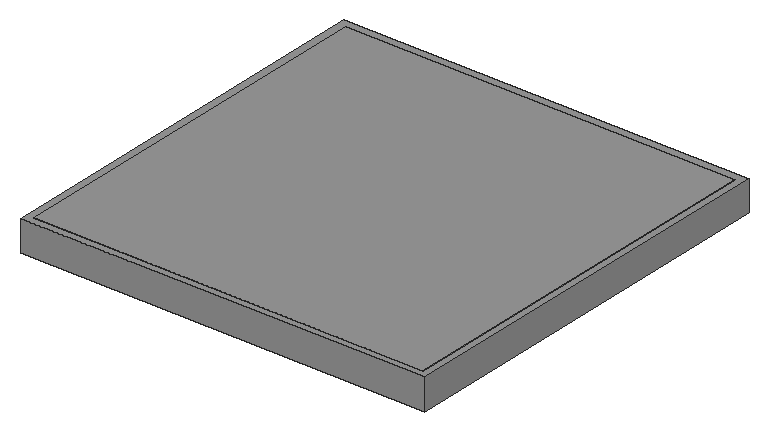
Revit family "ДВО-09 30 Вт Грильято DALI", category Осветительные приборы, Revit 2019 (continued)
Parameters (values of type "ДВО-09-О-30-3К-IP40-Грильято-DALI")
    0.0 0.0 0.0 0.0 0.0 0.0 0.0 0.0 0.0 0.0 0.0 0.0 0.0 0.0 0.0 0.0 0.0 0.0 0.0\r\n1213.1 1212.5 1211.4 1209.7 1207.7 1205.2 1202.4 1199.0 1195.1 1191.1 1186.4 1181.3 1175.8 1169.6 1163.1 1156.1 1148.7 1141.0 1132.7 1124.2 1115.2 1105.9 1096.5 1086.6 1076.2 1065.2 1054.2 1042.6 1030.9 1018.7 1006.2 993.3 980.2 966.5 952.8 939.0 924.7 910.3 895.5 880.5 865.0 849.3 833.2 816.8 800.2 783.4 766.4 749.3 732.0 714.6 697.1 679.1 660.9 642.4 623.7 604.6 585.4 566.0 546.5 526.9 507.2 487.3 467.1 446.8 426.5 405.8 385.0 364.5 343.5 322.9 301.9 281.4 260.6 240.4 219.8 200.1 180.2 161.0 141.9 123.4 105.7 88.9 73.1 58.6 45.7 34.3 25.1 18.0 12.9 9.6 7.6 6.6 6.2 6.1 6.2 6.2 6.2 6.2 6.3 6.3 0.0 0.0 0.0 0.0 0.0 0.0 0.0 0.0 0.0 0.0 0.0 0.0 0.0 0.0 0.0 0.0 0.0 0.0 0.0 0.0 0.0 0.0 0.0 0.0 0.0 0.0 0.0 0.0 0.0 0.0 0.0 0.0 0.0 0.0 0.0 0.0 0.0 0.0 0.0 0.0 0.0 0.0 0.0 0.0 0.0 0.0 0.0 0.0 0.0 0.0 0.0 0.0 0.0 0.0 0.0 0.0 0.0 0.0 0.0 0.0 0.0\r\n1213.1 1212.4 1211.4 1209.9 1207.9 1205.4 1202.5 1199.2 1195.4 1191.4 1186.7 1181.5 1176.1 1170.0 1163.6 1156.8 1149.5 1141.8 1133.8 1125.3 1116.3 1106.9 1097.4 1087.3 1076.9 1066.0 1055.1 1043.6 1032.1 1020.1 1007.7 995.1 982.0 968.3 954.5 940.5 926.0 911.6 896.4 881.5 865.6 850.1 833.9 817.7 801.0 784.3 767.3 750.5 733.2 716.1 698.4 680.8 662.5 644.3 625.5 606.7 587.4 568.2 548.4 528.9 509.0 489.1 468.8 448.8 428.2 407.8 387.1 366.6 345.6 325.0 304.0 283.4 262.5 242.3 221.7 201.9 182.0 162.7 143.6 124.9 107.4 90.3 74.6 59.7 46.8 35.2 26.0 18.6 13.5 10.1 7.9 6.9 6.3 6.1 6.2 6.2 6.2 6.2 6.3 6.4 0.0 0.0 0.0 0.0 0.0 0.0 0.0 0.0 0.0 0.0 0.0 0.0 0.0 0.0 0.0 0.0 0.0 0.0 0.0 0.0 0.0 0.0 0.0 0.0 0.0 0.0 0.0 0.0 0.0 0.0 0.0 0.0 0.0 0.0 0.0 0.0 0.0 0.0 0.0 0.0 0.0 0.0 0.0 0.0 0.0 0.0 0.0 0.0 0.0 0.0 0.0 0.0 0.0 0.0 0.0 0.0 0.0 0.0 0.0 0.0 0.0\r\n1213.1 1212.4 1211.2 1209.5 1207.3 1204.6 1201.4 1197.9 1193.9 1189.7 1184.8 1179.6 1173.9 1167.8 1161.1 1154.1 1146.5 1138.6 1130.3 1121.6 1112.5 1102.9 1093.3 1083.0 1072.6 1061.6 1050.5 1038.7 1027.0 1014.6 1002.0 989.0 975.7 961.8 947.9 933.7 919.2 904.6 889.6 874.5 859.0 843.5 827.5 811.2 794.7 777.8 760.8 743.6 726.1 708.5 690.7 672.6 654.3 635.8 617.2 598.2 579.1 559.8 540.3 520.6 500.6 480.7 460.3 440.2 419.4 399.0 378.2 357.6 336.7 316.2 295.3 275.0 254.3 234.4 214.1 194.5 175.0 156.0 137.2 119.1 101.8 85.3 70.0 55.8 43.3 32.6 23.9 17.1 12.4 9.3 7.5 6.7 6.4 6.3 6.4 6.4 6.3 6.4 6.5 6.6 0.0 0.0 0.0 0.0 0.0 0.0 0.0 0.0 0.0 0.0 0.0 0.0 0.0 0.0 0.0 0.0 0.0 0.0 0.0 0.0 0.0 0.0 0.0 0.0 0.0 0.0 0.0 0.0 0.0 0.0 0.0 0.0 0.0 0.0 0.0 0.0 0.0 0.0 0.0 0.0 0.0 0.0 0.0 0.0 0.0 0.0 0.0 0.0 0.0 0.0 0.0 0.0 0.0 0.0 0.0 0.0 0.0 0.0 0.0 0.0 0.0\r\n1213.1 1212.4 1211.0 1209.0 1206.6 1203.8 1200.3 1196.6 1192.3 1187.9 1182.9 1177.6 1171.6 1165.5 1158.5 1151.3 1143.5 1135.3 1126.8 1117.8 1108.6 1098.9 1089.1 1078.7 1068.2 1057.1 1045.8 1033.8 1021.8 1009.1 996.3 982.8 969.3 955.2 941.2 926.8 912.4 897.5 882.7 867.5 852.4 836.8 821.0 804.7 788.4 771.2 754.2 736.6 719.0 700.8 683.0 664.4 646.1 627.2 608.8 589.7 570.8 551.3 532.1 512.2 492.1 472.3 451.8 431.6 410.6 390.1 369.2 348.6 327.7 307.3 286.6 266.5 246.0 226.4 206.4 187.1 167.9 149.3 130.8 113.3 96.2 80.2 65.4 51.9 39.8 29.9 21.7 15.6 11.2 8.5 7.0 6.5 6.4 6.4 6.5 6.6 6.4 6.6 6.7 6.7 0.0 0.0 0.0 0.0 0.0 0.0 0.0 0.0 0.0 0.0 0.0 0.0 0.0 0.0 0.0 0.0 0.0 0.0 0.0 0.0 0.0 0.0 0.0 0.0 0.0 0.0 0.0 0.0 0.0 0.0 0.0 0.0 0.0 0.0 0.0 0.0 0.0 0.0 0.0 0.0 0.0 0.0 0.0 0.0 0.0 0.0 0.0 0.0 0.0 0.0 0.0 0.0 0.0 0.0 0.0 0.0 0.0 0.0 0.0 0.0 0.0\r\n1213.1 1212.5 1211.3 1209.5 1207.5 1205.0 1202.2 1198.8 1194.8 1190.7 1186.0 1181.0 1175.4 1169.1 1162.5 1155.4 1147.9 1140.1 1131.6 1123.0 1114.0 1104.9 1095.6 1085.8 1075.4 1064.4 1053.3 1041.6 1029.7 1017.2 1004.6 991.4 978.3 964.7 951.1 937.4 923.4 908.9 894.5 879.4 864.4 848.5 832.5 815.9 799.4 782.4 765.5 748.1 730.8 713.1 695.7 677.3 659.3 640.5 621.9 602.4 583.3 563.7 544.6 524.8 505.4 485.4 465.4 444.8 424.7 403.8 382.9 362.4 341.4 320.7 299.8 279.3 258.6 238.4 217.9 198.2 178.3 159.2 140.1 121.9 104.0 87.4 71.6 57.5 44.5 33.3 24.2 17.3 12.3 9.1 7.2 6.3 6.1 6.1 6.1 6.2 6.1 6.2 6.3 6.2 0.0 0.0 0.0 0.0 0.0 0.0 0.0 0.0 0.0 0.0 0.0 0.0 0.0 0.0 0.0 0.0 0.0 0.0 0.0 0.0 0.0 0.0 0.0 0.0 0.0 0.0 0.0 0.0 0.0 0.0 0.0 0.0 0.0 0.0 0.0 0.0 0.0 0.0 0.0 0.0 0.0 0.0 0.0 0.0 0.0 0.0 0.0 0.0 0.0 0.0 0.0 0.0 0.0 0.0 0.0 0.0 0.0 0.0 0.0 0.0 0.0\r\n1213.1 1212.5 1211.4 1209.7 1207.7 1205.2 1202.4 1199.0 1195.1 1191.1 1186.4 1181.3 1175.8 1169.6 1163.1 1156.1 1148.7 1141.0 1132.7 1124.2 1115.2 1105.9 1096.5 1086.6 1076.2 1065.2 1054.2 1042.6 1030.9 1018.7 1006.2 993.3 980.2 966.5 952.8 939.0 924.7 910.3 895.5 880.5 865.0 849.3 833.2 816.8 800.2 783.4 766.4 749.3 732.0 714.6 697.1 679.1 660.9 642.4 623.7 604.6 585.4 566.0 546.5 526.9 507.2 487.3 467.1 446.8 426.5 405.8 385.0 364.5 343.5 322.9 301.9 281.4 260.6 240.4 219.8 200.1 180.2 161.0 141.9 123.4 105.7 88.9 73.1 58.6 45.7 34.3 25.1 18.0 12.9 9.6 7.6 6.6 6.2 6.1 6.2 6.2 6.2 6.2 6.3 6.3 0.0 0.0 0.0 0.0 0.0 0.0 0.0 0.0 0.0 0.0 0.0 0.0 0.0 0.0 0.0 0.0 0.0 0.0 0.0 0.0 0.0 0.0 0.0 0.0 0.0 0.0 0.0 0.0 0.0 0.0 0.0 0.0 0.0 0.0 0.0 0.0 0.0 0.0 0.0 0.0 0.0 0.0 0.0 0.0 0.0 0.0 0.0 0.0 0.0 0.0 0.0 0.0 0.0 0.0 0.0 0.0 0.0 0.0 0.0 0.0 0.0\r\n1213.1 1212.4 1211.4 1209.9 1207.9 1205.4 1202.5 1199.2 1195.4 1191.4 1186.7 1181.5 1176.1 1170.0 1163.6 1156.8 1149.5 1141.8 1133.8 1125.3 1116.3 1106.9 1097.4 1087.3 1076.9 1066.0 1055.1 1043.6 1032.1 1020.1 1007.7 995.1 982.0 968.3 954.5 940.5 926.0 911.6 896.4 881.5 865.6 850.1 833.9 817.7 801.0 784.3 767.3 750.5 733.2 716.1 698.4 680.8 662.5 644.3 625.5 606.7 587.4 568.2 548.4 528.9 509.0 489.1 468.8 448.8 428.2 407.8 387.1 366.6 345.6 325.0 304.0 283.4 262.5 242.3 221.7 201.9 182.0 162.7 143.6 124.9 107.4 90.3 74.6 59.7 46.8 35.2 26.0 18.6 13.5 10.1 7.9 6.9 6.3 6.1 6.2 6.2 6.2 6.2 6.3 6.4 0.0 0.0 0.0 0.0 0.0 0.0 0.0 0.0 0.0 0.0 0.0 0.0 0.0 0.0 0.0 0.0 0.0 0.0 0.0 0.0 0.0 0.0 0.0 0.0 0.0 0.0 0.0 0.0 0.0 0.0 0.0 0.0 0.0 0.0 0.0 0.0 0.0 0.0 0.0 0.0 0.0 0.0 0.0 0.0 0.0 0.0 0.0 0.0 0.0 0.0 0.0 0.0 0.0 0.0 0.0 0.0 0.0 0.0 0.0 0.0 0.0\r\n1213.1 1212.4 1211.2 1209.5 1207.3 1204.6 1201.4 1197.9 1193.9 1189.7 1184.8 1179.6 1173.9 1167.8 1161.1 1154.1 1146.5 1138.6 1130.3 1121.6 1112.5 1102.9 1093.3 1083.0 1072.6 1061.6 1050.5 1038.7 1027.0 1014.6 1002.0 989.0 975.7 961.8 947.9 933.7 919.2 904.6 889.6 874.5 859.0 843.5 827.5 811.2 794.7 777.8 760.8 743.6 726.1 708.5 690.7 672.6 654.3 635.8 617.2 598.2 579.1 559.8 540.3 520.6 500.6 480.7 460.3 440.2 419.4 399.0 378.2 357.6 336.7 316.2 295.3 275.0 254.3 234.4 214.1 194.5 175.0 156.0 137.2 119.1 101.8 85.3 70.0 55.8 43.3 32.6 23.9 17.1 12.4 9.3 7.5 6.7 6.4 6.3 6.4 6.4 6.3 6.4 6.5 6.6 0.0 0.0 0.0 0.0 0.0 0.0 0.0 0.0 0.0 0.0 0.0 0.0 0.0 0.0 0.0 0.0 0.0 0.0 0.0 0.0 0.0 0.0 0.0 0.0 0.0 0.0 0.0 0.0 0.0 0.0 0.0 0.0 0.0 0.0 0.0 0.0 0.0 0.0 0.0 0.0 0.0 0.0 0.0 0.0 0.0 0.0 0.0 0.0 0.0 0.0 0.0 0.0 0.0 0.0 0.0 0.0 0.0 0.0 0.0 0.0 0.0\r\n1213.1 1212.4 1211.0 1209.0 1206.6 1203.8 1200.3 1196.6 1192.3 1187.9 1182.9 1177.6 1171.6 1165.5 1158.5 1151.3 1143.5 1135.3 1126.8 1117.8 1108.6 1098.9 1089.1 1078.7 1068.2 1057.1 1045.8 1033.8 1021.8 1009.1 996.3 982.8 969.3 955.2 941.2 926.8 912.4 897.5 882.7 867.5 852.4 836.8 821.0 804.7 788.4 771.2 754.2 736.6 719.0 700.8 683.0 664.4 646.1 627.2 608.8 589.7 570.8 551.3 532.1 512.2 492.1 472.3 451.8 431.6 410.6 390.1 369.2 348.6 327.7 307.3 286.6 266.5 246.0 226.4 206.4 187.1 167.9 149.3 130.8 113.3 96.2 80.2 65.4 51.9 39.8 29.9 21.7 15.6 11.2 8.5 7.0 6.5 6.4 6.4 6.5 6.6 6.4 6.6 6.7 6.7 0.0 0.0 0.0 0.0 0.0 0.0 0.0 0.0 0.0 0.0 0.0 0.0 0.0 0.0 0.0 0.0 0.0 0.0 0.0 0.0 0.0 0.0 0.0 0.0 0.0 0.0 0.0 0.0 0.0 0.0 0.0 0.0 0.0 0.0 0.0 0.0 0.0 0.0 0.0 0.0 0.0 0.0 0.0 0.0 0.0 0.0 0.0 0.0 0.0 0.0 0.0 0.0 0.0 0.0 0.0 0.0 0.0 0.0 0.0 0.0 0.0\r\n1213.1 1212.5 1211.3 1209.5 1207.5 1205.0 1202.2 1198.8 1194.8 1190.7 1186.0 1181.0 1175.4 1169.1 1162.5 1155.4 1147.9 1140.1 1131.6 1123.0 1114.0 1104.9 1095.6 1085.8 1075.4 1064.4 1053.3 1041.6 1029.7 1017.2 1004.6 991.4 978.3 964.7 951.1 937.4 923.4 908.9 894.5 879.4 864.4 848.5 832.5 815.9 799.4 782.4 765.5 748.1 730.8 713.1 695.7 677.3 659.3 640.5 621.9 602.4 583.3 563.7 544.6 524.8 505.4 485.4 465.4 444.8 424.7 403.8 382.9 362.4 341.4 320.7 299.8 279.3 258.6 238.4 217.9 198.2 178.3 159.2 140.1 121.9 104.0 87.4 71.6 57.5 44.5 33.3 24.2 17.3 12.3 9.1 7.2 6.3 6.1 6.1 6.1 6.2 6.1 6.2 6.3 6.2 0.0 0.0 0.0 0.0 0.0 0.0 0.0 0.0 0.0 0.0 0.0 0.0 0.0 0.0 0.0 0.0 0.0 0.0 0.0 0.0 0.0 0.0 0.0 0.0 0.0 0.0 0.0 0.0 0.0 0.0 0.0 0.0 0.0 0.0 0.0 0.0 0.0 0.0 0.0 0.0 0.0 0.0 0.0 0.0 0.0 0.0 0.0 0.0 0.0 0.0 0.0 0.0 0.0 0.0 0.0 0.0 0.0 0.0 0.0 0.0 0.0\r\n1213.1 1212.5 1211.4 1209.7 1207.7 1205.2 1202.4 1199.0 1195.1 1191.1 1186.4 1181.3 1175.8 1169.6 1163.1 1156.1 1148.7 1141.0 1132.7 1124.2 1115.2 1105.9 1096.5 1086.6 1076.2 1065.2 1054.2 1042.6 1030.9 1018.7 1006.2 993.3 980.2 966.5 952.8 939.0 924.7 910.3 895.5 880.5 865.0 849.3 833.2 816.8 800.2 783.4 766.4 749.3 732.0 714.6 697.1 679.1 660.9 642.4 623.7 604.6 585.4 566.0 546.5 526.9 507.2 487.3 467.1 446.8 426.5 405.8 385.0 364.5 343.5 322.9 301.9 281.4 260.6 240.4 219.8 200.1 180.2 161.0 141.9 123.4 105.7 88.9 73.1 58.6 45.7 34.3 25.1 18.0 12.9 9.6 7.6 6.6 6.2 6.1 6.2 6.2 6.2 6.2 6.3 6.3 0.0 0.0 0.0 0.0 0.0 0.0 0.0 0.0 0.0 0.0 0.0 0.0 0.0 0.0 0.0 0.0 0.0 0.0 0.0 0.0 0.0 0.0 0.0 0.0 0.0 0.0 0.0 0.0 0.0 0.0 0.0 0.0 0.0 0.0 0.0 0.0 0.0 0.0 0.0 0.0 0.0 0.0 0.0 0.0 0.0 0.0 0.0 0.0 0.0 0.0 0.0 0.0 0.0 0.0 0.0 0.0 0.0 0.0 0.0 0.0 0.0\r\n1213.1 1212.4 1211.4 1209.9 1207.9 1205.4 1202.5 1199.2 1195.4 1191.4 1186.7 1181.5 1176.1 1170.0 1163.6 1156.8 1149.5 1141.8 1133.8 1125.3 1116.3 1106.9 1097.4 1087.3 1076.9 1066.0 1055.1 1043.6 1032.1 1020.1 1007.7 995.1 982.0 968.3 954.5 940.5 926.0 911.6 896.4 881.5 865.6 850.1 833.9 817.7 801.0 784.3 767.3 750.5 733.2 716.1 698.4 680.8 662.5 644.3 625.5 606.7 587.4 568.2 548.4 528.9 509.0 489.1 468.8 448.8 428.2 407.8 387.1 366.6 345.6 325.0 304.0 283.4 262.5 242.3 221.7 201.9 182.0 162.7 143.6 124.9 107.4 90.3 74.6 59.7 46.8 35.2 26.0 18.6 13.5 10.1 7.9 6.9 6.3 6.1 6.2 6.2 6.2 6.2 6.3 6.4 0.0 0.0 0.0 0.0 0.0 0.0 0.0 0.0 0.0 0.0 0.0 0.0 0.0 0.0 0.0 0.0 0.0 0.0 0.0 0.0 0.0 0.0 0.0 0.0 0.0 0.0 0.0 0.0 0.0 0.0 0.0 0.0 0.0 0.0 0.0 0.0 0.0 0.0 0.0 0.0 0.0 0.0 0.0 0.0 0.0 0.0 0.0 0.0 0.0 0.0 0.0 0.0 0.0 0.0 0.0 0.0 0.0 0.0 0.0 0.0 0.0\r\n1213.1 1212.4 1211.2 1209.5 1207.3 1204.6 1201.4 1197.9 1193.9 1189.7 1184.8 1179.6 1173.9 1167.8 1161.1 1154.1 1146.5 1138.6 1130.3 1121.6 1112.5 1102.9 1093.3 1083.0 1072.6 1061.6 1050.5 1038.7 1027.0 1014.6 1002.0 989.0 975.7 961.8 947.9 933.7 919.2 904.6 889.6 874.5 859.0 843.5 827.5 811.2 794.7 777.8 760.8 743.6 726.1 708.5 690.7 672.6 654.3 635.8 617.2 598.2 579.1 559.8 540.3 520.6 500.6 480.7 460.3 440.2 419.4 399.0 378.2 357.6 336.7 316.2 295.3 275.0 254.3 234.4 214.1 194.5 175.0 156.0 137.2 119.1 101.8 85.3 70.0 55.8 43.3 32.6 23.9 17.1 12.4 9.3 7.5 6.7 6.4 6.3 6.4 6.4 6.3 6.4 6.5 6.6 0.0 0.0 0.0 0.0 0.0 0.0 0.0 0.0 0.0 0.0 0.0 0.0 0.0 0.0 0.0 0.0 0.0 0.0 0.0 0.0 0.0 0.0 0.0 0.0 0.0 0.0 0.0 0.0 0.0 0.0 0.0 0.0 0.0 0.0 0.0 0.0 0.0 0.0 0.0 0.0 0.0 0.0 0.0 0.0 0.0 0.0 0.0 0.0 0.0 0.0 0.0 0.0 0.0 0.0 0.0 0.0 0.0 0.0 0.0 0.0 0.0\r\n1213.1 1212.4 1211.0 1209.0 1206.6 1203.8 1200.3 1196.6 1192.3 1187.9 1182.9 1177.6 1171.6 1165.5 1158.5 1151.3 1143.5 1135.3 1126.8 1117.8 1108.6 1098.9 1089.1 1078.7 1068.2 1057.1 1045.8 1033.8 1021.8 1009.1 996.3 982.8 969.3 955.2 941.2 926.8 912.4 897.5 882.7 867.5 852.4 836.8 821.0 804.7 788.4 771.2 754.2 736.6 719.0 700.8 683.0 664.4 646.1 627.2 608.8 589.7 570.8 551.3 532.1 512.2 492.1 472.3 451.8 431.6 410.6 390.1 369.2 348.6 327.7 307.3 286.6 266.5 246.0 226.4 206.4 187.1 167.9 149.3 130.8 113.3 96.2 80.2 65.4 51.9 39.8 29.9 21.7 15.6 11.2 8.5 7.0 6.5 6.4 6.4 6.5 6.6 6.4 6.6 6.7 6.7 0.0 0.0 0.0 0.0 0.0 0.0 0.0 0.0 0.0 0.0 0.0 0.0 0.0 0.0 0.0 0.0 0.0 0.0 0.0 0.0 0.0 0.0 0.0 0.0 0.0 0.0 0.0 0.0 0.0 0.0 0.0 0.0 0.0 0.0 0.0 0.0 0.0 0.0 0.0 0.0 0.0 0.0 0.0 0.0 0.0 0.0 0.0 0.0 0.0 0.0 0.0 0.0 0.0 0.0 0.0 0.0 0.0 0.0 0.0 0.0 0.0\r\n1213.1 1212.5 1211.3 1209.5 1207.5 1205.0 1202.2 1198.8 1194.8 1190.7 1186.0 1181.0 1175.4 1169.1 1162.5 1155.4 1147.9 1140.1 1131.6 1123.0 1114.0 1104.9 1095.6 1085.8 1075.4 1064.4 1053.3 1041.6 1029.7 1017.2 1004.6 991.4 978.3 964.7 951.1 937.4 923.4 908.9 894.5 879.4 864.4 848.5 832.5 815.9 799.4 782.4 765.5 748.1 730.8 713.1 695.7 677.3 659.3 640.5 621.9 602.4 583.3 563.7 544.6 524.8 505.4 485.4 465.4 444.8 424.7 403.8 382.9 362.4 341.4 320.7 299.8 279.3 258.6 238.4 217.9 198.2 178.3 159.2 140.1 121.9 104.0 87.4 71.6 57.5 44.5 33.3 24.2 17.3 12.3 9.1 7.2 6.3 6.1 6.1 6.1 6.2 6.1 6.2 6.3 6.2 0.0 0.0 0.0 0.0 0.0 0.0 0.0 0.0 0.0 0.0 0.0 0.0 0.0 0.0 0.0 0.0 0.0 0.0 0.0 0.0 0.0 0.0 0.0 0.0 0.0 0.0 0.0 0.0 0.0 0.0 0.0 0.0 0.0 0.0 0.0 0.0 0.0 0.0 0.0 0.0 0.0 0.0 0.0 0.0 0.0 0.0 0.0 0.0 0.0 0.0 0.0 0.0 0.0 0.0 0.0 0.0 0.0 0.0 0.0 0.0 0.0\r\n1213.1 1212.5 1211.4 1209.7 1207.7 1205.2 1202.4 1199.0 1195.1 1191.1 1186.4 1181.3 1175.8 1169.6 1163.1 1156.1 1148.7 1141.0 1132.7 1124.2 1115.2 1105.9 1096.5 1086.6 1076.2 1065.2 1054.2 1042.6 1030.9 1018.7 1006.2 993.3 980.2 966.5 952.8 939.0 924.7 910.3 895.5 880.5 865.0 849.3 833.2 816.8 800.2 783.4 766.4 749.3 732.0 714.6 697.1 679.1 660.9 642.4 623.7 604.6 585.4 566.0 546.5 526.9 507.2 487.3 467.1 446.8 426.5 405.8 385.0 364.5 343.5 322.9 301.9 281.4 260.6 240.4 219.8 200.1 180.2 161.0 141.9 123.4 105.7 88.9 73.1 58.6 45.7 34.3 25.1 18.0 12.9 9.6 7.6 6.6 6.2 6.1 6.2 6.2 6.2 6.2 6.3 6.3 0.0 0.0 0.0 0.0 0.0 0.0 0.0 0.0 0.0 0.0 0.0 0.0 0.0 0.0 0.0 0.0 0.0 0.0 0.0 0.0 0.0 0.0 0.0 0.0 0.0 0.0 0.0 0.0 0.0 0.0 0.0 0.0 0.0 0.0 0.0 0.0 0.0 0.0 0.0 0.0 0.0 0.0 0.0 0.0 0.0 0.0 0.0 0.0 0.0 0.0 0.0 0.0 0.0 0.0 0.0 0.0 0.0 0.0 0.0 0.0 0.0\r\n1213.1 1212.4 1211.4 1209.9 1207.9 1205.4 1202.5 1199.2 1195.4 1191.4 1186.7 1181.5 1176.1 1170.0 1163.6 1156.8 1149.5 1141.8 1133.8 1125.3 1116.3 1106.9 1097.4 1087.3 1076.9 1066.0 1055.1 1043.6 1032.1 1020.1 1007.7 995.1 982.0 968.3 954.5 940.5 926.0 911.6 896.4 881.5 865.6 850.1 833.9 817.7 801.0 784.3 767.3 750.5 733.2 716.1 698.4 680.8 662.5 644.3 625.5 606.7 587.4 568.2 548.4 528.9 509.0 489.1 468.8 448.8 428.2 407.8 387.1 366.6 345.6 325.0 304.0 283.4 262.5 242.3 221.7 201.9 182.0 162.7 143.6 124.9 107.4 90.3 74.6 59.7 46.8 35.2 26.0 18.6 13.5 10.1 7.9 6.9 6.3 6.1 6.2 6.2 6.2 6.2 6.3 6.4 0.0 0.0 0.0 0.0 0.0 0.0 0.0 0.0 0.0 0.0 0.0 0.0 0.0 0.0 0.0 0.0 0.0 0.0 0.0 0.0 0.0 0.0 0.0 0.0 0.0 0.0 0.0 0.0 0.0 0.0 0.0 0.0 0.0 0.0 0.0 0.0 0.0 0.0 0.0 0.0 0.0 0.0 0.0 0.0 0.0 0.0 0.0 0.0 0.0 0.0 0.0 0.0 0.0 0.0 0.0 0.0 0.0 0.0 0.0 0.0 0.0\r\n1213.1 1212.4 1211.2 1209.5 1207.3 1204.6 1201.4 1197.9 1193.9 1189.7 1184.8 1179.6 1173.9 1167.8 1161.1 1154.1 1146.5 1138.6 1130.3 1121.6 1112.5 1102.9 1093.3 1083.0 1072.6 1061.6 1050.5 1038.7 1027.0 1014.6 1002.0 989.0 975.7 961.8 947.9 933.7 919.2 904.6 889.6 874.5 859.0 843.5 827.5 811.2 794.7 777.8 760.8 743.6 726.1 708.5 690.7 672.6 654.3 635.8 617.2 598.2 579.1 559.8 540.3 520.6 500.6 480.7 460.3 440.2 419.4 399.0 378.2 357.6 336.7 316.2 295.3 275.0 254.3 234.4 214.1 194.5 175.0 156.0 137.2 119.1 101.8 85.3 70.0 55.8 43.3 32.6 23.9 17.1 12.4 9.3 7.5 6.7 6.4 6.3 6.4 6.4 6.3 6.4 6.5 6.6 0.0 0.0 0.0 0.0 0.0 0.0 0.0 0.0 0.0 0.0 0.0 0.0 0.0 0.0 0.0 0.0 0.0 0.0 0.0 0.0 0.0 0.0 0.0 0.0 0.0 0.0 0.0 0.0 0.0 0.0 0.0 0.0 0.0 0.0 0.0 0.0 0.0 0.0 0.0 0.0 0.0 0.0 0.0 0.0 0.0 0.0 0.0 0.0 0.0 0.0 0.0 0.0 0.0 0.0 0.0 0.0 0.0 0.0 0.0 0.0 0.0\r\n1213.1 1212.4 1211.0 1209.0 1206.6 1203.8 1200.3 1196.6 1192.3 1187.9 1182.9 1177.6 1171.6 1165.5 1158.5 1151.3 1143.5 1135.3 1126.8 1117.8 1108.6 1098.9 1089.1 1078.7 1068.2 1057.1 1045.8 1033.8 1021.8 1009.1 996.3 982.8 969.3 955.2 941.2 926.8 912.4 897.5 882.7 867.5 852.4 836.8 821.0 804.7 788.4 771.2 754.2 736.6 719.0 700.8 683.0 664.4 646.1 627.2 608.8 589.7 570.8 551.3 532.1 512.2 492.1 472.3 451.8 431.6 410.6 390.1 369.2 348.6 327.7 307.3 286.6 266.5 246.0 226.4 206.4 187.1 167.9 149.3 130.8 113.3 96.2 80.2 65.4 51.9 39.8 29.9 21.7 15.6 11.2 8.5 7.0 6.5 6.4 6.4 6.5 6.6 6.4 6.6 6.7 6.7 0.0 0.0 0.0 0.0 0.0 0.0 0.0 0.0 0.0 0.0 0.0 0.0 0.0 0.0 0.0 0.0 0.0 0.0 0.0 0.0 0.0 0.0 0.0 0.0 0.
    0 0.0 0.0 0.0 0.0 0.0 0.0 0.0 0.0 0.0 0.0 0.0 0.0 0.0 0.0 0.0 0.0 0.0 0.0 0.0 0.0 0.0 0.0 0.0 0.0 0.0 0.0 0.0 0.0 0.0 0.0 0.0 0.0 0.0 0.0 0.0 0.0\r\n"
  Напряжение = "176-264 В"
  Wattage = 24.9088 W
  built-in parameter 1150110 = 1 (stored number, unit not read)
  built-in parameter 1114217 = 0.8 (stored number, unit not read)
  built-in parameter 1150109 = 1 (stored number, unit not read)
  built-in parameter 1150134 = (empty or 0)
  built-in parameter 1150113 = 1 (stored number, unit not read)
  Lumens = 3700 lm
  built-in parameter 1150115 = 1 (stored number, unit not read)
  built-in parameter 1150105 = 294.44 (stored number, unit not read)
  built-in parameter 1150137 = (empty or 0)
  Материал рассеивателя = Полистирол
  Материал корпуса = Металл, окрашенный, белый, матовый
  Коэффициент пульсации = "<5%"
  built-in parameter 1150139 = (empty or 0)
  built-in parameter 1150112 = 1 (stored number, unit not read)
  built-in parameter 1150114 = 1 (stored number, unit not read)
  built-in parameter 1150132 = 2
  Коэффициент мощности = ">0.95\r\n>0.95\r\n>0.95"
  Количество модулей = "4"
  Количество в упаковке = "4"
  Кол-во светодиодов = "72"
  Климатическое исполнение = "УХЛ 4"
  Класс светораспределения по ГОСТ 54350-2011 = "П"
  Класс защиты от поражения током = "I"
  Категория по ограничению яркости = "1"
  built-in parameter 1150102 = (empty or 0)
  built-in parameter 1150138 = (empty or 0)
  built-in parameter 1150107 = 3000 (stored number, unit not read)
  built-in parameter 1150106 = 2.9444 (stored number, unit not read)
  built-in parameter 1150104 = 13.8 (stored number, unit not read)
  Dimming Lamp Color Temperature Shift = (empty or 0)
  Color Filter = 16777215
  built-in parameter 1114218 = 1 (stored number, unit not read)
  built-in parameter 1150133 = 10 (stored number, unit not read)
  Индекс цветопередачи = ">80"
  Изготовитель = "INNOLUX"
  Диммирование = "да"
  Диапазон рабочих температур = "- 20 + 40°C"
  Гарантия = "7 лет"
  Габаритная яркость = "<5000 кд / м2"
  Время импульса пускового тока = "4.8 мс"
  Вес светильника = "2.6 кг"
  Бренд светодиодов = "EDISON"
  Блок аварийного питания = "нет"
  Артикул = "14950"
  URL = "http://innolux.pro/katalog/upravlenie-osveshheniem/dvo-09-30-vt-grilyato-dali/14950.html"
  ADSK_Размер_Ширина = 588 mm
  ADSK_Размер_Длина = 588 mm
  ADSK_Размер_Высота = 45 mm
Reference planes
  plane 1 "Ось источника света (В/Н)": y = 0
  plane 2: z = 0
  plane 3 "Ось источника света (Л/П)": x = 0
  plane 4 "Потолок": z = 4000
  plane 5 "Отметка источника света 1": z = 3955
  plane 6: x = -294
  plane 7: x = 294
  plane 8: y = 294
  plane 9: y = -294
Forms (mm)
  Extrusion 1, solid, material "Металл, окрашенный, белый, матовый" <- "Материал корпуса"
    sketch origin (0, 0, 3955) x (-1, 0, 0) y (0, -1, 0)
      loop
        line (294, -294) -> (294, 294) -> (-294, 294) -> (-294, -294) -> (294, -294)
    from 0 to 45
  Extrusion 2, void
    sketch origin (0, 0, 3955) x (-1, 0, 0) y (0, -1, 0)
      loop
        line (283.393, -283.393) -> (283.393, 283.393) -> (-283.393, 283.393) -> (-283.393, -283.393) -> (283.393, -283.393)
    from 0 to 27.018
  Extrusion 3, solid, material "Полистирол" <- "Материал рассеивателя"
    sketch origin (0, 0, 3955) x (-1, 0, 0) y (0, -1, 0)
      loop
        line (283.393, -283.393) -> (283.393, 283.393) -> (-283.393, 283.393) -> (-283.393, -283.393) -> (283.393, -283.393)
    from 9.146 to 45
Cuts and joins
  Extrusion 2 cuts Extrusion 1
Dimensions and locks
  equal spacing: host sketch curve, plane 3 "Ось источника света (Л/П)", host sketch curve
  equal spacing: host sketch curve, plane 1 "Ось источника света (В/Н)", host sketch curve
  host sketch curve to host sketch curve = 4000 mm  (x2)
  plane 4 "Потолок" to host ceiling = 0 mm
  equal spacing: plane 6, plane 3 "Ось источника света (Л/П)", plane 7
  equal spacing: plane 8, plane 1 "Ось источника света (В/Н)", plane 9
  "ADSK_Размер_Длина": plane 6 to plane 7
  "ADSK_Размер_Ширина": plane 8 to plane 9
  "ADSK_Размер_Высота": plane 5 "Отметка источника света 1" to plane 4 "Потолок"
  aligned and locked: plane 3 "Ось источника света (Л/П)" to imposter light
  aligned and locked: plane 1 "Ось источника света (В/Н)" to imposter light
  aligned and locked: plane 5 "Отметка источника света 1" to imposter light
  aligned and locked: plane 5 "Отметка источника света 1" to Extrusion 1
  aligned and locked: Extrusion 3 to cut or joined group of Extrusion 1, Extrusion 2
  aligned and locked: cut or joined group of Extrusion 1, Extrusion 2 to Extrusion 3  (x2)
  aligned and locked: host ceiling to Extrusion 3
  aligned and locked: host ceiling to Extrusion 1
  aligned and locked: Extrusion 1 to plane 6
  aligned and locked: plane 7 to Extrusion 1
  aligned and locked: Extrusion 1 to imposter light
  aligned and locked: Extrusion 1 to plane 4 "Потолок"
  aligned and locked: Extrusion 1 to Extrusion 3
  aligned and locked: Extrusion 3 to plane 4 "Потолок"
Automatic sketch dimensions
  Extrusion 1 sketch curve to plane 7 = 0 mm
  Extrusion 1 sketch curve to plane 6 = 0 mm
  Extrusion 1 sketch curve to plane 8 = 0 mm
  Extrusion 1 sketch curve to plane 9 = 0 mm
  Extrusion 2 sketch curve to plane 7 = 10.607 mm
  plane 6 to Extrusion 2 sketch curve = 10.607 mm
  Extrusion 2 sketch curve to plane 8 = 10.607 mm
  plane 9 to Extrusion 2 sketch curve = 10.607 mm
  Extrusion 3 sketch curve to plane 7 = 10.607 mm
  plane 6 to Extrusion 3 sketch curve = 10.607 mm
  Extrusion 3 sketch curve to plane 8 = 10.607 mm
  plane 9 to Extrusion 3 sketch curve = 10.607 mm
Connectors
  electrical at (0, 0, 4000)
    settings: on cut or joined group of Extrusion 1, Extrusion 2, index 1, voltage 0 V, apparent load 0 VA, apparent load phase1 0 VA, apparent load phase2 0 VA, apparent load phase3 0 VA, power factor 1, load classification "Прочее", number of poles 1, system type 31, power factor state 1, is connector primary yes, connector utility no, sub classification motor no, connector description ""
